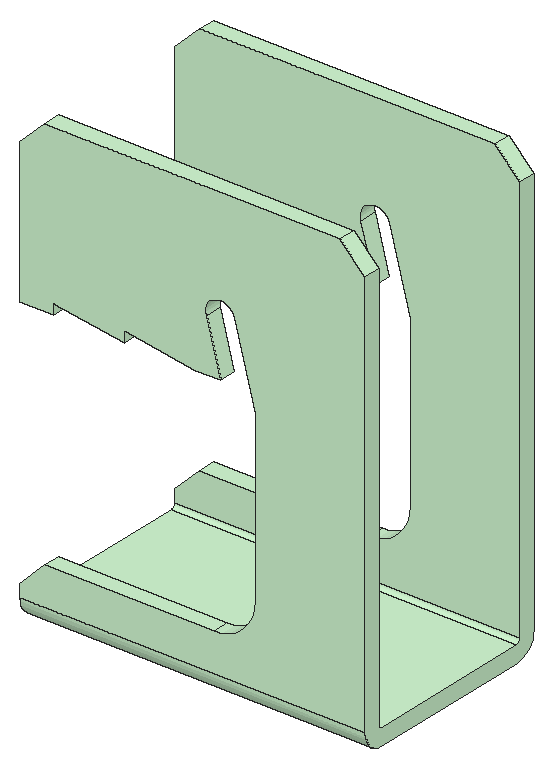
Revit family "newhanginglock", category 機械設備, Revit 2022
Family settings
  丸型コネクタ寸法 = 直径を使用
  種別 = なし
  パーツ タイプ = 標準
  作業面ベース = いいえ
  常に垂直 = はい
  ロード時にボイドで切り取り = いいえ
  注釈の向きを維持 = いいえ
  共有 = いいえ
  部屋計算ポイント = いいえ
Parameters
  製造元 = "株式会社桐井製作所"
  既定の高さ = 0 mm
  URL = "https://www.kirii.co.jp/"
  K_許容荷重(N) = 1274
  K_品名 = "新吊元ロック"
  K_名称 = "吊元金具"
  K_入数 = "250"
  K_バージョン情報 = "20211012"
Reference planes
  plane 1 "中心(正面/背面)": y = 0
  plane 2: z = 0
  plane 3 "中心(左/右)": x = 0
Forms (mm)
  Extrusion 1, solid
    sketch origin (1, -1.5, 2.3) x (0, 0, 1) y (0, -1, 0)
      loop
        arc (-2.3, -11.5) -> (-1.568, -13.268) -> (0.2, -14) r 2.5
        line (0.2, -14) -> (51.7, -14) -> (51.7, -12) -> (0.2, -12)
        arc (0.2, -12) -> (-0.154, -11.854) -> (-0.3, -11.5) r 0.5
        line (-0.3, -11.5) -> (-0.3, 8.5)
        arc (-0.3, 8.5) -> (-0.154, 8.854) -> (0.2, 9) r 0.5
        line (0.2, 9) -> (51.7, 9) -> (51.7, 11) -> (0.2, 11)
        arc (0.2, 11) -> (-1.568, 10.268) -> (-2.3, 8.5) r 2.5
        line (-2.3, 8.5) -> (-2.3, -11.5)
    from -26 to 15
  Extrusion 2, void
    sketch origin (1, -1.5, 2.3) x (1, 0, 0) y (0, 0, 1)
      loop
        line (-22, 32.9) -> (-22, 31.7) -> (-26, 31.7) -> (-26, 1.7) -> (-23, 4.7) -> (-3, 4.7)
        arc (-3, 4.7) -> (0.536, 6.164) -> (2, 9.7) r 5
        line (2, 9.7) -> (2, 29.623) -> (-0.487, 38.903)
        arc (-0.487, 38.903) -> (-2.63, 40.14) -> (-3.867, 37.997) r 1.75
        line (-3.867, 37.997) -> (-2.18, 31.7) -> (-5.17, 31.7) -> (-13.585, 32.9) -> (-13.585, 31.7) -> (-22, 32.9)
    from 9 to 11
  Extrusion 3, solid
    sketch origin (0, 0, 0) x (1, 0, 0) y (0, 1, 0)
      loop
        circle (0, 0.038) r 5.5
    from 0 to 4
  Extrusion 4, void
    sketch origin (0, 0, 0) x (1, 0, 0) y (0, 1, 0)
      loop
        circle (0, 0) r 4
    from 0 to 4
  Extrusion 5, void
    sketch origin (0, 0, 0) x (1, 0, 0) y (0, 0, 1)
      loop
        line (-22, 54) -> (-25, 54) -> (-25, 51) -> (-22, 54)
      loop
        line (16, 51) -> (16, 54) -> (13, 54) -> (16, 51)
    from 10.5 to 12.5
  Extrusion 6, void
    sketch origin (1, 21.5, 2.3) x (1, 0, 0) y (0, 0, 1)
      loop
        line (-22, 32.9) -> (-22, 31.7) -> (-26, 31.7) -> (-26, 1.7) -> (-23, 4.7) -> (-3, 4.7)
        arc (-3, 4.7) -> (0.536, 6.164) -> (2, 9.7) r 5
        line (2, 9.7) -> (2, 29.623) -> (-0.487, 38.903)
        arc (-0.487, 38.903) -> (-2.63, 40.14) -> (-3.867, 37.997) r 1.75
        line (-3.867, 37.997) -> (-2.18, 31.7) -> (-5.17, 31.7) -> (-13.585, 32.9) -> (-13.585, 31.7) -> (-22, 32.9)
    from 9 to 11
  Extrusion 7, void
    sketch origin (0, 23, 0) x (1, 0, 0) y (0, 0, 1)
      loop
        line (-22, 54) -> (-25, 54) -> (-25, 51) -> (-22, 54)
      loop
        line (16, 51) -> (16, 54) -> (13, 54) -> (16, 51)
    from 10.5 to 12.5
Cuts and joins
  Extrusion 2, Extrusion 4, Extrusion 5, Extrusion 6, Extrusion 7 cuts Extrusion 1
  Extrusion 4, Extrusion 5, Extrusion 6, Extrusion 7 cuts Extrusion 3
  joined: Extrusion 1, Extrusion 3
Dimensions and locks
  aligned and locked: level to plane 2
